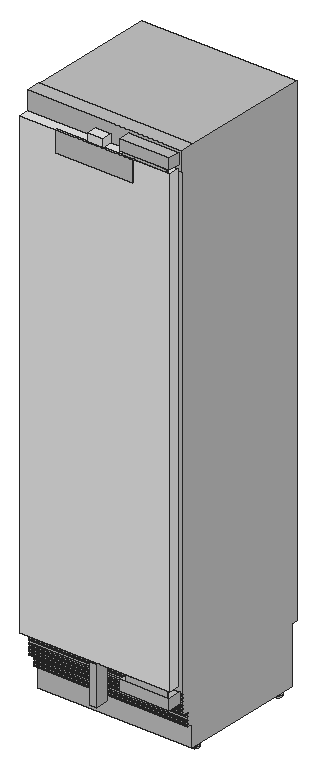
Revit family "FP-Revit18-RS2484FRJK1-Freezer-0-CA-US-90001058A", category Specialty Equipment, Revit 2020
Family settings
  Round Connector Dimension = Use Diameter
  Part Type = Normal
  OmniClass Number = 23.40.40.11.11
  OmniClass Title = Refrigerators and Freezers
  Work Plane-Based = No
  Always vertical = Yes
  Cut with Voids When Loaded = Yes
  Shared = No
  Room Calculation Point = No
Parameters (values of type "RS2484FRJE1")
  Visibility - Water Connection = yes
  Visibility - Visibility Control Note = yes
  Visibility - Clearance Required = yes
  URL = "www.fisherpaykel.com"
  Stainless Steel Door Panels (RD2484R4D) = no
  Product - Width = 603 mm  # constant formula
  Product - Height = 2134 mm  # constant formula
  Product - Depth (exl front panel) = 610 mm  # constant formula
  Model = "RS2484FRJE1"
  Material - Handle = Fisher & Paykel - Aluminium
  Material - Door Structure = Fisher & Paykel - White
  Material - Door Front = Fisher & Paykel - Stainless Steel
  Material - Body = Fisher & Paykel - Grey
  Manufacturer = "Fisher & Paykel Appliances"
  Handle Style - Professional Square (AHV2-RD84) = no
  Handle Style - Professional Round (AHC-RD84) = no
  Handle Style - Contemporary Square (AHD3-RD84) = no
  Handle Style - Contemporary Round (AHS-RD84) = no
  Description = "24\" Integrated Column Freezer with internal ice maker, white interior"
  Default Elevation = 0 mm
  Connector Description - Water = "1/4\" (6mm) comp. stainless steel braided hose"
  Connector Description - Electrical = "120 V, 10 amp fused electrical supply"
  Cavity - Width = 610 mm  # constant formula
  Cavity - Height = 2134 mm  # constant formula
  Cavity - Depth = 635 mm  # constant formula
Types (3, lengths in mm): name | Model | Description
  (no name) | "RS2484FRJE1" | "24\" Integrated Column Freezer with internal ice maker, white interior"
  RS2484FRJK1 | "RS2484FRJK1" | "24\" Integrated Column Freezer with internal ice maker, stainless steel interior"
  RS2484FRJE1 | "RS2484FRJE1" | "24\" Integrated Column Freezer with internal ice maker, white interior"
Reference planes
  plane 1 "Center (Front/Back)": y = 0
  plane 2: z = 0
  plane 3 "Center (Left/Right)": x = 0
  plane 4 "Product LHS": x = -301.5
  plane 5 "Product RHS": x = 301.5
  plane 6 "Product - Depth": y = 610
  plane 7 "Cavity LHS": x = -305
  plane 8 "Cavity RHS": x = 305
  plane 9 "Cavity - Depth": y = 612.9
  plane 10 "Handle Offset": x = -238.5
  plane 11 "Product Height": z = 2134
  plane 12 "Cavity Height": z = 2134
  plane 13 "Door Panel Datum": y = -4.1
Forms (mm)
  Extrusion 1, solid, material "Fisher & Paykel - Grey" <- "Material - Body", detail levels fine
    sketch origin (0, 0, 0) x (0, 1, 0) y (0, 0, 1)
      loop
        line (100.1, 19.1) -> (587.9, 19.1) -> (587.9, 239.7) -> (610, 239.7) -> (610, 2131.9) -> (105.1, 2131.9) -> (105.1, 2134) -> (49.9, 2134) -> (49.9, 2059) -> (56, 2059) -> (56, 228.6) -> (59.5, 228.6) -> (59.5, 219.7) -> (56.5, 219.7) -> (56.5, 215.9) -> (59.5, 215.9) -> (59.5, 207) -> (56.5, 207) -> (56.5, 203.2) -> (59.5, 203.2) -> (59.5, 194.3) -> (56.5, 194.3) -> (56.5, 190.5) -> (59.5, 190.5) -> (59.5, 181.6) -> (56.5, 181.6) -> (56.5, 177.8) -> (59.5, 177.8) -> (59.5, 168.9) -> (56.5, 168.9) -> (56.5, 165.1) -> (59.5, 165.1) -> (59.5, 156.2) -> (56.5, 156.2) -> (56.5, 152.4) -> (84.1, 152.4) -> (84.1, 143.5) -> (81.1, 143.5) -> (81.1, 139.7) -> (84.1, 139.7) -> (84.1, 130.8) -> (81.1, 130.8) -> (81.1, 127) -> (84.1, 127) -> (84.1, 118.1) -> (81.1, 118.1) -> (81.1, 114.3) -> (84.1, 114.3) -> (84.1, 105.4) -> (81.1, 105.4) -> (81.1, 101.6) -> (100.1, 101.6) -> (100.1, 19.1)
    from -301.5 to 301.5
  Extrusion 2, solid, material "Fisher & Paykel - Grey" <- "Material - Body"
    sketch origin (0, 0, 0) x (1, 0, 0) y (0, 1, 0)
      loop
        circle (-281, 547.8) r 4.1
      loop
        circle (-281, 141.8) r 4.1
      loop
        circle (281, 547.8) r 4.1
      loop
        circle (281, 141.8) r 4.1
    from 3 to 19.1
  Extrusion 3, solid, material "Fisher & Paykel - Grey" <- "Material - Body"
    sketch origin (0, 0, 0) x (1, 0, 0) y (0, 1, 0)
      loop
        circle (-281, 547.8) r 14.5
      loop
        circle (-281, 141.8) r 14.555
      loop
        circle (281, 547.8) r 14.5
      loop
        circle (281, 141.8) r 14.555
    from 0 to 3
  Extrusion 4, solid, material "Fisher & Paykel - Grey" <- "Material - Body", detail levels fine
    sketch origin (0, 0, 0) x (1, 0, 0) y (0, 1, 0)
      loop
        line (-7.5, 49) -> (-13.797, -4.1) -> (13.797, -4.1) -> (7.5, 49) -> (-7.5, 49)
    from 104.2 to 254.2
  Extrusion 5, solid, material "Fisher & Paykel - Grey" <- "Material - Body", detail levels fine
    sketch origin (0, 0, 0) x (1, 0, 0) y (0, 0, 1)
      loop
        line (289.9, 2123.15) -> (95.42, 2123.15) -> (95.42, 2081.05) -> (289.9, 2081.05) -> (289.9, 2123.15)
    from -49 to -2.5
  Extrusion 6, solid, material "Fisher & Paykel - Grey" <- "Material - Body", detail levels fine
    sketch origin (0, 0, 0) x (0, 1, 0) y (0, 0, 1)
      loop
        line (0, 2070.6) -> (0, 1988.6) -> (2, 1988.6) -> (2, 2068.6) -> (4, 2068.6) -> (4, 2070.6) -> (0, 2070.6)
    from -150 to 150
  Extrusion 7, solid, material "Fisher & Paykel - Grey" <- "Material - Body"
    sketch origin (0, 0, 0) x (1, 0, 0) y (0, 0, 1)
      loop
        circle (226.5, 119.813) r 5
      loop
        circle (-226.5, 119.813) r 5
    from -590 to -587.9
  Extrusion 8, solid, material "Fisher & Paykel - White" <- "Material - Door Structure"
    sketch origin (0, 0, 0) x (1, 0, 0) y (0, 1, 0)
      loop
        line (-276.5, 56) -> (-276.5, 42) -> (276.5, 42) -> (276.5, 56) -> (-276.5, 56)
    from 269.6 to 2030.7
  Extrusion 9, solid, material "Fisher & Paykel - White" <- "Material - Door Structure"
    sketch origin (0, 0, 0) x (1, 0, 0) y (0, 1, 0)
      loop
        line (-292.9, 42) -> (-292.9, 3) -> (292.9, 3) -> (292.9, 42) -> (-292.9, 42)
    from 254.2 to 2068.6
  Extrusion 10, solid, material "Fisher & Paykel - White" <- "Material - Door Structure", detail levels fine
    sketch origin (0, 0, 0) x (1, 0, 0) y (0, 0, 1)
      loop
        line (-29.5, 2100.1) -> (-29.5, 2068.6) -> (29.5, 2068.6) -> (29.5, 2100.1) -> (-29.5, 2100.1)
    from -42 to -3
  Extrusion 11, solid, material "Fisher & Paykel - Stainless Steel" <- "Material - Door Front", visible <- "Stainless Steel Door Panels (RD2484R4D)"
    sketch origin (0, 0, 0) x (0, 1, 0) y (0, 0, 1)
      loop
        line (-22.1, 2130.8) -> (-22.1, 102) -> (-4.1, 102) -> (-4.1, 2130.8) -> (-22.1, 2130.8)
    from -301.5 to 301.5
  Extrusion 12, solid, material "Fisher & Paykel - Grey" <- "Material - Body", detail levels coarse+medium
    sketch origin (0, 0, 0) x (0, 1, 0) y (0, 0, 1)
      loop
        line (49.9, 2134) -> (49.9, 2059) -> (56, 2059) -> (56, 152.4) -> (81.1, 152.4) -> (81.1, 101.6) -> (100.1, 101.6) -> (100.1, 19.1) -> (587.9, 19.1) -> (587.9, 239.7) -> (610, 239.7) -> (610, 2134) -> (49.9, 2134)
    from -301.5 to 301.5
  Extrusion 13, solid, material "Fisher & Paykel - Clearance Required", visible <- "Visibility - Clearance Required", detail levels coarse
    sketch origin (0, 0, 0) x (1, 0, 0) y (0, 1, 0)
      loop
        arc (-301.5, -22.1) -> (-13.376, -547.171) -> (584.28, -586.183) r 622.5
        line (584.28, -586.183) -> (565.051, -544.946) -> (589.549, -533.523)
        arc (589.549, -533.523) -> (598.013, -510.267) -> (574.757, -501.802) r 17.5
        line (574.757, -501.802) -> (550.259, -513.225) -> (329.441, -39.678)
        arc (329.441, -39.678) -> (310.616, -38.605) -> (301.5, -22.1) r 19.5
        line (301.5, -22.1) -> (-301.5, -22.1)
    from 0 to 2134
  Extrusion 14, solid, material "Fisher & Paykel - Grey" <- "Material - Body", detail levels fine
    sketch origin (0, 0, 0) x (1, 0, 0) y (0, 0, 1)
      loop
        line (289.9, 187.65) -> (289.9, 229.75) -> (95.42, 229.75) -> (95.42, 187.65) -> (289.9, 187.65)
    from -56 to -2.5
  Extrusion 15, solid, material "Fisher & Paykel - Grey" <- "Material - Body", detail levels fine
    sketch origin (0, 0, -4) x (0, 1, 0) y (0, 0, 1)
      loop
        arc (163.888, 23.1) -> (180.4, 13.63) -> (196.912, 23.1) r 19.13
        line (196.912, 23.1) -> (163.888, 23.1)
      loop
        arc (493.888, 23.1) -> (510.4, 13.63) -> (526.912, 23.1) r 19.13
        line (526.912, 23.1) -> (493.888, 23.1)
    from 191 to 219
  Extrusion 16, solid, material "Fisher & Paykel - Grey" <- "Material - Body", detail levels fine
    sketch origin (0, 0, -4) x (0, 1, 0) y (0, 0, -1)
      loop
        line (163.888, -23.1) -> (196.912, -23.1)
        arc (196.912, -23.1) -> (180.4, -13.63) -> (163.888, -23.1) r 19.13
      loop
        line (493.888, -23.1) -> (526.912, -23.1)
        arc (526.912, -23.1) -> (510.4, -13.63) -> (493.888, -23.1) r 19.13
    from 191 to 219
  Extrusion 17, solid, material "Fisher & Paykel - Clearance Required", visible <- "Visibility - Clearance Required", detail levels coarse
    sketch origin (0, 0, 0) x (1, 0, 0) y (0, 1, 0)
      loop
        line (-305, 612.9) -> (-305, -4.1) -> (305, -4.1) -> (305, 612.9) -> (-305, 612.9)
    from 0 to 2134
  Extrusion 18, void
    sketch origin (0, 0, 0) x (1, 0, 0) y (0, 1, 0)
      loop
        line (-305, 612.9) -> (-305, -22.1) -> (305, -22.1) -> (305, 612.9) -> (-305, 612.9)
    from 0 to 2134
  Extrusion 19, solid, material "Fisher & Paykel - Grey" <- "Material - Body", detail levels fine
    sketch origin (0, 0, 0) x (1, 0, 0) y (0, 0, 1)
      loop
        line (118.4, 254.2) -> (118.4, 229.75) -> (282.9, 229.75) -> (282.9, 254.2) -> (118.4, 254.2)
      loop
        line (106, 2081.05) -> (106, 2068.6) -> (282.9, 2068.6) -> (282.9, 2076.05) -> (242.9, 2081.05) -> (106, 2081.05)
    from -7 to -4
Lines and regions (mm)
  model lines, style "Fisher & Paykel"
    curve 1: line (-301.5, -4.1, 2130.8) -> (301.5, -4.1, 2130.8)
    curve 2: line (-301.5, -4.1, 102) -> (-301.5, -4.1, 2130.8)
    curve 3: line (301.5, -4.1, 102) -> (-301.5, -4.1, 102)
    curve 4: line (301.5, -4.1, 2130.8) -> (301.5, -4.1, 102)
Text (mm)
  text "Due to ongoing product development, product details are subject to change without notice. \nPlease always refer to www.fisherpaykel.com for the most current product information. \n© Fisher & Paykel 2020" at (41.04, -678.295, 0), in view "Ref. Level (Plan)"
Dimensions and locks
  equal spacing: plane 4 "Product LHS", plane 3 "Center (Left/Right)", plane 5 "Product RHS"
  "Product - Width": plane 4 "Product LHS" to plane 5 "Product RHS"
  "Product - Depth (exl front panel)": plane 1 "Center (Front/Back)" to plane 6 "Product - Depth"
  equal spacing: plane 7 "Cavity LHS", plane 3 "Center (Left/Right)", plane 8 "Cavity RHS"
  "Cavity - Width": plane 7 "Cavity LHS" to plane 8 "Cavity RHS"
  plane 4 "Product LHS" to Extrusion 2 sketch curve = 24.6 mm
  plane 4 "Product LHS" to plane 10 "Handle Offset" = 63 mm
  Extrusion 7 sketch curve to Extrusion 1 = 119.887 mm  (x2)
  Extrusion 7 sketch curve to plane 5 "Product RHS" = 75 mm
  plane 4 "Product LHS" to Extrusion 7 sketch curve = 75 mm
  Extrusion 1 sketch curve to Extrusion 1 sketch curve = 82.5 mm
  Extrusion 1 sketch curve to Extrusion 1 sketch curve = 209.5 mm
  Extrusion 3 to level = 3 mm
  Extrusion 12 to Extrusion 9 = 235.1 mm
  Extrusion 12 to Extrusion 8 = 250.5 mm
  Extrusion 12 to Extrusion 12 = 2114.9 mm
  Extrusion 12 to Extrusion 11 = 82.9 mm
  "Product - Height": level to plane 11 "Product Height"
  plane 11 "Product Height" to Extrusion 11 = 3.2 mm
  Extrusion 9 to plane 11 "Product Height" = 65.4 mm
  Extrusion 8 to plane 11 "Product Height" = 103.3 mm
  Extrusion 12 sketch curve to plane 11 "Product Height" = 75 mm
  Extrusion 1 sketch curve to plane 11 "Product Height" = 2.1 mm
  Extrusion 1 sketch curve to plane 11 "Product Height" = 75 mm
  "Cavity - Height": plane 12 "Cavity Height" to level
  plane 1 "Center (Front/Back)" to Extrusion 17 = 612.9 mm
  plane 1 "Center (Front/Back)" to Extrusion 18 = 612.9 mm
  Extrusion 19 sketch curve to Extrusion 19 sketch curve = 40 mm
  Extrusion 19 sketch curve to plane 3 "Center (Left/Right)" = 106 mm
  Extrusion 19 sketch curve to Extrusion 19 sketch curve = 176.9 mm
  Extrusion 19 sketch curve to plane 3 "Center (Left/Right)" = 118.4 mm
  plane 3 "Center (Left/Right)" to Extrusion 19 sketch curve = 282.9 mm
  Extrusion 18 to plane 1 "Center (Front/Back)" = 22.1 mm
  "Cavity - Depth": plane 9 "Cavity - Depth" to Extrusion 18
  radius of Extrusion 7 sketch curve = 5 mm
  aligned and locked: level to plane 2
  aligned and locked: Extrusion 11 to plane 5 "Product RHS"
  aligned and locked: plane 4 "Product LHS" to Extrusion 11
  aligned and locked: Extrusion 12 to plane 5 "Product RHS"
  aligned and locked: Extrusion 12 to plane 4 "Product LHS"
  aligned and locked: Extrusion 12 sketch curve to plane 11 "Product Height"
  aligned and locked: plane 11 "Product Height" to Extrusion 1 sketch curve
  aligned and locked: Extrusion 15 sketch curve to Extrusion 15 sketch curve
  aligned and locked: Extrusion 16 sketch curve to Extrusion 16 sketch curve
  aligned and locked: Extrusion 17 to Extrusion 13
  aligned and locked: Extrusion 18 to Extrusion 13
  aligned and locked: Extrusion 1 to plane 5 "Product RHS"
  aligned and locked: plane 4 "Product LHS" to Extrusion 1
  aligned and locked: Extrusion 2 to Extrusion 1
  aligned and locked: nested 5 to plane 10 "Handle Offset"
  aligned and locked: nested 4 to plane 10 "Handle Offset"
  aligned and locked: nested 3 to plane 10 "Handle Offset"
  aligned and locked: nested 2 to plane 10 "Handle Offset"
Automatic sketch dimensions
  Extrusion 2 sketch curve to plane 4 "Product LHS" = 20.5 mm  (x2)
  plane 5 "Product RHS" to Extrusion 2 sketch curve = 20.5 mm  (x2)
  Extrusion 2 sketch curve to plane 1 "Center (Front/Back)" = 141.8 mm  (x2)
  Extrusion 2 sketch curve to plane 6 "Product - Depth" = 62.2 mm  (x2)
  Extrusion 3 sketch curve to plane 4 "Product LHS" = 20.5 mm  (x2)
  plane 5 "Product RHS" to Extrusion 3 sketch curve = 20.5 mm  (x2)
  Extrusion 3 sketch curve to plane 1 "Center (Front/Back)" = 141.8 mm  (x2)
  Extrusion 3 sketch curve to plane 6 "Product - Depth" = 62.2 mm  (x2)
  plane 1 "Center (Front/Back)" to Extrusion 4 sketch curve = 4.1 mm
  Extrusion 4 sketch curve to plane 3 "Center (Left/Right)" = 13.797 mm
  Extrusion 4 sketch curve to plane 3 "Center (Left/Right)" = 7.5 mm
  plane 3 "Center (Left/Right)" to Extrusion 4 sketch curve = 7.5 mm
  plane 3 "Center (Left/Right)" to Extrusion 4 sketch curve = 13.797 mm
  Extrusion 4 sketch curve to plane 1 "Center (Front/Back)" = 49 mm
  plane 11 "Product Height" to Extrusion 5 sketch curve = 10.85 mm
  plane 3 "Center (Left/Right)" to Extrusion 5 sketch curve = 95.42 mm
  plane 5 "Product RHS" to Extrusion 5 sketch curve = 11.6 mm
  Extrusion 5 sketch curve to Extrusion 5 sketch curve = 42.1 mm
  Extrusion 6 sketch curve to plane 1 "Center (Front/Back)" = 0 mm
  Extrusion 6 sketch curve to plane 1 "Center (Front/Back)" = 2 mm
  Extrusion 6 sketch curve to Extrusion 6 sketch curve = 2 mm  (x2)
  plane 11 "Product Height" to Extrusion 6 sketch curve = 145.4 mm
  plane 11 "Product Height" to Extrusion 6 sketch curve = 65.4 mm
  Extrusion 8 sketch curve to plane 4 "Product LHS" = 25 mm
  plane 5 "Product RHS" to Extrusion 8 sketch curve = 25 mm
  Extrusion 8 sketch curve to plane 1 "Center (Front/Back)" = 42 mm
  Extrusion 8 sketch curve to Extrusion 8 sketch curve = 14 mm
  Extrusion 9 sketch curve to plane 1 "Center (Front/Back)" = 3 mm
  Extrusion 9 sketch curve to plane 4 "Product LHS" = 8.6 mm
  plane 5 "Product RHS" to Extrusion 9 sketch curve = 8.6 mm
  Extrusion 9 sketch curve to Extrusion 9 sketch curve = 39 mm
  Extrusion 10 sketch curve to plane 3 "Center (Left/Right)" = 29.5 mm
  plane 3 "Center (Left/Right)" to Extrusion 10 sketch curve = 29.5 mm
  plane 11 "Product Height" to Extrusion 10 sketch curve = 65.4 mm
  Extrusion 10 sketch curve to Extrusion 10 sketch curve = 31.5 mm
  plane 1 "Center (Front/Back)" to Extrusion 11 sketch curve = 22.1 mm
  plane 1 "Center (Front/Back)" to Extrusion 11 sketch curve = 4.1 mm
  level to Extrusion 11 sketch curve = 102 mm
  plane 11 "Product Height" to Extrusion 11 sketch curve = 3.2 mm
  Extrusion 13 sketch curve to Extrusion 13 sketch curve = 0 mm  (x2)
  Extrusion 13 sketch curve to plane 4 "Product LHS" = 0 mm
  Extrusion 13 sketch curve to plane 5 "Product RHS" = 0 mm
  Extrusion 13 sketch curve to plane 8 "Cavity RHS" = 16 mm
  Extrusion 13 sketch curve to Extrusion 13 sketch curve = 8.441 mm
  Extrusion 13 sketch curve to plane 8 "Cavity RHS" = 245.259 mm
  Extrusion 13 sketch curve to Extrusion 13 sketch curve = 14.792 mm
  Extrusion 13 sketch curve to Extrusion 13 sketch curve = 24.498 mm
  Extrusion 13 sketch curve to Extrusion 13 sketch curve = 7.396 mm  (x2)
  Extrusion 13 sketch curve to Extrusion 13 sketch curve = 19.229 mm
  plane 1 "Center (Front/Back)" to Extrusion 13 sketch curve = 586.183 mm
  Extrusion 13 sketch curve to Extrusion 13 sketch curve = 41.237 mm
  Extrusion 13 sketch curve to Extrusion 13 sketch curve = 15.86 mm
  plane 3 "Center (Left/Right)" to Extrusion 14 sketch curve = 95.42 mm
  plane 5 "Product RHS" to Extrusion 14 sketch curve = 11.6 mm
  level to Extrusion 14 sketch curve = 187.65 mm
  Extrusion 14 sketch curve to Extrusion 14 sketch curve = 42.1 mm
  Extrusion 15 sketch curve to plane 1 "Center (Front/Back)" = 163.888 mm
  Extrusion 15 sketch curve to Extrusion 15 sketch curve = 16.512 mm  (x2)
  Extrusion 15 sketch curve to plane 6 "Product - Depth" = 116.112 mm
  Extrusion 15 sketch curve to Extrusion 15 sketch curve = 9.66 mm  (x2)
  Extrusion 16 sketch curve to plane 1 "Center (Front/Back)" = 163.888 mm
  Extrusion 16 sketch curve to Extrusion 16 sketch curve = 16.512 mm  (x2)
  Extrusion 16 sketch curve to plane 6 "Product - Depth" = 116.112 mm
  Extrusion 16 sketch curve to Extrusion 16 sketch curve = 9.66 mm  (x2)
  Extrusion 17 sketch curve to plane 7 "Cavity LHS" = 0 mm
  Extrusion 17 sketch curve to plane 8 "Cavity RHS" = 0 mm
  Extrusion 17 sketch curve to plane 9 "Cavity - Depth" = 0 mm
  plane 1 "Center (Front/Back)" to Extrusion 17 sketch curve = 4.1 mm
  Extrusion 18 sketch curve to plane 7 "Cavity LHS" = 0 mm
  Extrusion 18 sketch curve to plane 8 "Cavity RHS" = 0 mm
  plane 9 "Cavity - Depth" to Extrusion 18 sketch curve = 0 mm
  plane 1 "Center (Front/Back)" to Extrusion 18 sketch curve = 22.1 mm
  level to Extrusion 19 sketch curve = 229.75 mm
  Extrusion 19 sketch curve to Extrusion 19 sketch curve = 24.45 mm
  plane 11 "Product Height" to Extrusion 19 sketch curve = 65.4 mm
  Extrusion 19 sketch curve to Extrusion 19 sketch curve = 7.45 mm
  Extrusion 19 sketch curve to Extrusion 19 sketch curve = 5 mm
  Extrusion 12 sketch curve to plane 6 "Product - Depth" = 0 mm
  Extrusion 12 sketch curve to plane 6 "Product - Depth" = 22.1 mm
  Extrusion 12 sketch curve to plane 1 "Center (Front/Back)" = 100.1 mm
  Extrusion 12 sketch curve to Extrusion 12 sketch curve = 19 mm
  Extrusion 12 sketch curve to plane 1 "Center (Front/Back)" = 56 mm
  Extrusion 12 sketch curve to plane 1 "Center (Front/Back)" = 49.9 mm
  level to Extrusion 12 sketch curve = 152.4 mm
  Extrusion 12 sketch curve to Extrusion 12 sketch curve = 50.8 mm
  level to Extrusion 12 sketch curve = 19.1 mm
  Extrusion 12 sketch curve to Extrusion 12 sketch curve = 220.6 mm
  level to Extrusion 15 sketch curve = 19.1 mm
  level to Extrusion 16 sketch curve = 28.76 mm
  Extrusion 1 sketch curve to plane 6 "Product - Depth" = 0 mm
  Extrusion 1 sketch curve to Extrusion 1 sketch curve = 22.1 mm
  Extrusion 1 sketch curve to plane 1 "Center (Front/Back)" = 105.1 mm
  level to Extrusion 1 sketch curve = 19.1 mm
  Extrusion 1 sketch curve to plane 1 "Center (Front/Back)" = 100.1 mm
  Extrusion 1 sketch curve to Extrusion 1 sketch curve = 16 mm
  Extrusion 1 sketch curve to Extrusion 1 sketch curve = 0 mm  (x8)
  Extrusion 1 sketch curve to Extrusion 1 sketch curve = 3 mm  (x10)
  Extrusion 1 sketch curve to plane 1 "Center (Front/Back)" = 59.5 mm
  Extrusion 1 sketch curve to plane 1 "Center (Front/Back)" = 56 mm
  Extrusion 1 sketch curve to plane 1 "Center (Front/Back)" = 49.9 mm
  Extrusion 1 sketch curve to Extrusion 1 sketch curve = 3.8 mm  (x10)
  Extrusion 1 sketch curve to Extrusion 1 sketch curve = 8.9 mm  (x9)
  Extrusion 1 sketch curve to Extrusion 1 sketch curve = 220.6 mm
  plane 5 "Product RHS" to curve 1 = 0 mm
  plane 4 "Product LHS" to curve 3 = 0 mm
  level to curve 3 = 102 mm
  plane 11 "Product Height" to curve 2 = 3.2 mm
  radius of Extrusion 2 sketch curve = 4.1 mm  (x3)
  radius of Extrusion 3 sketch curve = 14.5 mm  (x2)
  radius of Extrusion 3 sketch curve = 14.555 mm  (x2)
  radius of Extrusion 7 sketch curve = 5 mm
Nested families
  nested 1: "Visibility Control Note 18" at (0, 0, 0), visible <- "Visibility - Visibility Control Note", type "Visibility Control Note 18"
  nested 2: "Handle Contemporary Round - Vertical" at (-238.5, -22.1, 1242.58), visible <- "Handle Style - Contemporary Round (AHS-RD84)", type "AHS-RD84 - Contemporary round handle (Vertical) 852mm"
  nested 3: "Handle Contemporary Square - Vertical" at (-238.5, -22.1, 1242.58), visible <- "Handle Style - Contemporary Square (AHD3-RD84)", type "AHD3-RD84 - Contemporary square handle (Vertical) 852mm"
  nested 4: "Handle Professional Round - Vertical" at (-238.5, -22.1, 1242.58), visible <- "Handle Style - Professional Round (AHC-RD84)", type "AHC-RD84 - Professional round handle (Vertical) 786mm"
  nested 5: "Handle Professional Square - Vertical" at (-238.5, -22.1, 1242.58), visible <- "Handle Style - Professional Square (AHV2-RD84)", type "AHV2-RD84 - Professional square handle (Vertical) 792mm"
Connectors
  electrical at (-226.5, 590, 119.813), driven by "Connector Description - Electrical"
    settings: on Extrusion 7, index 1, voltage 120 V, apparent load 0 VA, apparent load phase1 0 VA, apparent load phase2 0 VA, apparent load phase3 0 VA, power factor 1, load classification "Other", number of poles 1, system type 30, power factor state 1, is connector primary yes, connector utility no, sub classification motor no, connector description "120 V, 10 amp fused electrical supply"
  piping at (226.5, 590, 119.813), diameter 12.7, driven by "Visibility - Water Connection", driven by "Connector Description - Water"
    settings: on Extrusion 7, index 2, connector inside diameter 609.6 mm, connector length 0 mm, flow factor 0, pipe flow 0.0 L/s, pressure drop 0.0 Pa, fitting loss kfactor 0, connector angle 0.00°, fixture units 0, engagement length 0 mm, angle of deflection 0.00°, flow configuration 0, flow direction 1, fitting loss method 0, system type 20, joint type 0, gender type 0, connector reference index -1, connector utility 1, adjustable connector no, is connector primary yes, connector description "1/4\" (6mm) comp. stainless steel braided hose"
Definition of nested family "Handle Contemporary Round - Vertical"
  Parameters (values of type "AHSRS80A - Contemporary round handle (1 of 2) (Vertical) 727mm")
    URL = "www.fisherpaykel.com"
    Material - Handle = none
    Manufacturer = "Fisher & Paykel Appliances"
    Handle - Length = 727 mm
    Default Elevation = 0 mm
  Types (6, lengths in mm): name | Handle - Length
    AHS-RD21 - Contemporary round handle (Vertical) 852mm | 852
    AHSRD2484W - Contemporary round handle (1 of 2) (Vertical) 727mm | 727
    AHSRD3084W - Contemporary round handle (1 of 2) (Vertical) 727mm | 727
    AHS-RD84 - Contemporary round handle (Vertical) 852mm | 852
    AHSRS3272A - Contemporary round handle (1 of 2) (Vertical) 727mm | 727
    AHSRS80A - Contemporary round handle (1 of 2) (Vertical) 727mm | 727
  Reference planes
    plane 1 "Center (Front/Back)": y = 0
    plane 2: z = 0
    plane 3 "Center (Left/Right)": x = 0
    plane 4 "Top": z = 363.5
    plane 5 "Bottom": z = -363.5
    plane 6 "Top Standoff": z = 243.5
    plane 7 "Bottom Standoff": z = -243.5
  Forms (mm)
    Extrusion 1, solid, material <- "Material - Handle"
      sketch origin (0, 0, 0) x (1, 0, 0) y (0, 1, 0)
        loop
          circle (0, -32.3) r 8.7
      from -243.5 to 243.5
    Extrusion 2, solid, material <- "Material - Handle", detail levels fine
      sketch origin (0, 0, 0) x (1, 0, 0) y (0, 1, 0)
        loop
          line (-8.7, 0) -> (-8.7, -32.3)
          arc (-8.7, -32.3) -> (0, -41) -> (8.7, -32.3) r 8.7
          line (8.7, -32.3) -> (8.7, 0) -> (-8.7, 0)
      from 243.5 to 363.5
    Extrusion 3, solid, material <- "Material - Handle", detail levels fine
      sketch origin (0, 0, 0) x (1, 0, 0) y (0, 1, 0)
        loop
          line (-8.7, 0) -> (-8.7, -32.3)
          arc (-8.7, -32.3) -> (0, -41) -> (8.7, -32.3) r 8.7
          line (8.7, -32.3) -> (8.7, 0) -> (-8.7, 0)
      from -363.5 to -243.5
    Sweep 4, void
      path in 3D
        loop
          line (8.7, 0, -363.5) -> (8.7, -32.3, -363.5)
          arc (8.7, -32.3, -363.5) -> (0, -41, -363.5) -> (-8.7, -32.3, -363.5) r 8.7
          line (-8.7, -32.3, -363.5) -> (-8.7, 0, -363.5)
      profile origin (8.7, -16.15, -363.5) x (-1, 0, 0) y (0, 0, -1)
        loop
          line (0, 0) -> (0, -1) -> (1, 0) -> (0, 0)
    Sweep 5, void
      path in 3D
        loop
          line (-8.7, 0, 363.5) -> (-8.7, -32.3, 363.5)
          arc (-8.7, -32.3, 363.5) -> (0, -41, 363.5) -> (8.7, -32.3, 363.5) r 8.7
          line (8.7, -32.3, 363.5) -> (8.7, 0, 363.5)
      profile origin (8.7, -16.15, 363.5) x (-1, 0, 0) y (0, 0, 1)
        loop
          line (0, 0) -> (0, -1) -> (1, 0) -> (0, 0)
    Extrusion 6, solid, material <- "Material - Handle", detail levels coarse+medium
      sketch origin (0, 0, 0) x (1, 0, 0) y (0, 1, 0)
        loop
          line (-8.7, 0) -> (-8.7, -32.3)
          arc (-8.7, -32.3) -> (0, -41) -> (8.7, -32.3) r 8.7
          line (8.7, -32.3) -> (8.7, 0) -> (-8.7, 0)
      from 243.5 to 363.5
    Extrusion 7, solid, material <- "Material - Handle", detail levels coarse+medium
      sketch origin (0, 0, 0) x (1, 0, 0) y (0, 1, 0)
        loop
          line (-8.7, 0) -> (-8.7, -32.3)
          arc (-8.7, -32.3) -> (0, -41) -> (8.7, -32.3) r 8.7
          line (8.7, -32.3) -> (8.7, 0) -> (-8.7, 0)
      from -363.5 to -243.5
  Cuts and joins
    Sweep 4 cuts Extrusion 3
    Sweep 5 cuts Extrusion 2
  Lines and regions (mm)
    sketch lines
      curve 1: line (8.7, 0, -363.5) -> (8.7, -32.3, -363.5)
      curve 2: arc (-8.7, -32.3, -363.5) -> (0, -41, -363.5) -> (8.7, -32.3, -363.5) r 8.7
      curve 3: line (-8.7, -32.3, -363.5) -> (-8.7, 0, -363.5)
      curve 4: line (8.7, -32.3, 363.5) -> (8.7, 0, 363.5)
      curve 5: arc (8.7, -32.3, 363.5) -> (0, -41, 363.5) -> (-8.7, -32.3, 363.5) r 8.7
      curve 6: line (-8.7, 0, 363.5) -> (-8.7, -32.3, 363.5)
  Dimensions and locks
    equal spacing: plane 4 "Top", level, plane 5 "Bottom"
    "Handle - Length": plane 4 "Top" to plane 5 "Bottom"
    locked: plane 4 "Top" to plane 6 "Top Standoff" at 120
    locked: plane 7 "Bottom Standoff" to plane 5 "Bottom" at 120
    Extrusion 2 sketch curve to Extrusion 2 sketch curve = 17.4 mm
    Extrusion 3 sketch curve to Extrusion 3 sketch curve = 17.4 mm
    Extrusion 6 sketch curve to Extrusion 6 sketch curve = 17.4 mm
    Extrusion 7 sketch curve to Extrusion 7 sketch curve = 17.4 mm
    aligned and locked: level to plane 2
    aligned and locked: plane 4 "Top" to Extrusion 2
    aligned and locked: Extrusion 3 to plane 5 "Bottom"
    aligned and locked: plane 7 "Bottom Standoff" to Extrusion 3
    aligned and locked: Extrusion 1 to plane 7 "Bottom Standoff"
    aligned and locked: plane 6 "Top Standoff" to Extrusion 1
    aligned and locked: Extrusion 2 to Extrusion 1
    aligned and locked: Extrusion 6 to Extrusion 1
    aligned and locked: plane 4 "Top" to Extrusion 6
    aligned and locked: Extrusion 7 to Extrusion 1
    aligned and locked: Extrusion 7 to plane 5 "Bottom"
  Automatic sketch dimensions
    Extrusion 1 sketch curve to plane 3 "Center (Left/Right)" = 0 mm
    plane 1 "Center (Front/Back)" to Extrusion 1 sketch curve = 32.3 mm
    plane 1 "Center (Front/Back)" to Extrusion 2 sketch curve = 0 mm
    Extrusion 2 sketch curve to plane 3 "Center (Left/Right)" = 0 mm
    Extrusion 2 sketch curve to plane 3 "Center (Left/Right)" = 8.7 mm
    plane 1 "Center (Front/Back)" to Extrusion 2 sketch curve = 32.3 mm
    plane 1 "Center (Front/Back)" to Extrusion 3 sketch curve = 0 mm
    Extrusion 3 sketch curve to plane 3 "Center (Left/Right)" = 0 mm
    Extrusion 3 sketch curve to plane 3 "Center (Left/Right)" = 8.7 mm
    plane 1 "Center (Front/Back)" to Extrusion 3 sketch curve = 32.3 mm
    Sweep 4 sketch curve to profile plane = 0 mm  (x2)
    Sweep 4 sketch curve to profile plane = 1 mm  (x2)
    Sweep 5 sketch curve to profile plane = 0 mm  (x2)
    Sweep 5 sketch curve to profile plane = 1 mm  (x2)
    Extrusion 6 sketch curve to plane 3 "Center (Left/Right)" = 0 mm
    Extrusion 6 sketch curve to plane 3 "Center (Left/Right)" = 8.7 mm
    plane 1 "Center (Front/Back)" to Extrusion 6 sketch curve = 32.3 mm
    Extrusion 6 sketch curve to Extrusion 6 sketch curve = 32.3 mm
    Extrusion 7 sketch curve to plane 3 "Center (Left/Right)" = 0 mm
    Extrusion 7 sketch curve to plane 3 "Center (Left/Right)" = 8.7 mm
    plane 1 "Center (Front/Back)" to Extrusion 7 sketch curve = 32.3 mm
    Extrusion 7 sketch curve to Extrusion 7 sketch curve = 32.3 mm
    radius of Extrusion 1 sketch curve = 8.7 mm
Definition of nested family "Handle Contemporary Square - Vertical"
  Parameters (values of type "AHD3RS80A - Contemporary square handle (1 of 2) (Vertical) 727mm")
    URL = "www.fisherpaykel.com"
    Material - Handle = none
    Manufacturer = "Fisher & Paykel Appliances"
    Handle - Length = 727 mm
    Default Elevation = 0 mm
  Types (7, lengths in mm): name | Handle - Length
    (no name) | 727
    AHD3-RD21 - Contemporary square handle (Vertical) 852mm | 852
    AHD3RD2484W - Contemporary square handle (1 of 2) (Vertical) 727mm | 727
    AHD3RD3084W - Contemporary square handle (1 of 2) (Vertical) 727mm | 727
    AHD3-RD84 - Contemporary square handle (Vertical) 852mm | 852
    AHD3RS3272A - Contemporary square handle (1 of 2) (Vertical) 727mm | 727
    AHD3RS80A - Contemporary square handle (1 of 2) (Vertical) 727mm | 727
  Reference planes
    plane 1 "Center (Front/Back)": y = 0
    plane 2: z = 0
    plane 3 "Center (Left/Right)": x = 0
    plane 4 "Top": z = 363.5
    plane 5 "Bottom": z = -363.5
    plane 6 "Top Standoff": z = 243.5
    plane 7 "Bottom Standoff": z = -243.5
  Forms (mm)
    Extrusion 1, solid, material <- "Material - Handle", detail levels fine
      sketch origin (0, 0, 0) x (1, 0, 0) y (0, 1, 0)
        loop
          arc (-7.583, -28.701) -> (-7.89, -29.057) -> (-8, -29.514) r 1
          line (-8, -29.514) -> (-8, -40.5)
          arc (-8, -40.5) -> (-7.561, -41.561) -> (-6.5, -42) r 1.5
          line (-6.5, -42) -> (6.5, -42)
          arc (6.5, -42) -> (7.561, -41.561) -> (8, -40.5) r 1.5
          line (8, -40.5) -> (8, -29.487)
          arc (8, -29.487) -> (7.889, -29.029) -> (7.58, -28.673) r 1
          arc (7.58, -28.673) -> (-0.006, -26.256) -> (-7.583, -28.701) r 13.038
      from -363.5 to 363.5
    Extrusion 2, solid, material <- "Material - Handle", detail levels fine
      sketch origin (0, 0, 0) x (1, 0, 0) y (0, 1, 0)
        loop
          arc (7.058, -28.23) -> (7.466, -28.244) -> (7.674, -27.893) r 0.4
          line (7.674, -27.893) -> (7.674, 0) -> (-7.674, 0) -> (-7.674, -27.86)
          arc (-7.674, -27.86) -> (-7.467, -28.21) -> (-7.06, -28.198) r 0.4
          arc (-7.06, -28.198) -> (0.004, -26.156) -> (7.058, -28.23) r 13.136
      from 243.5 to 363.5
    Extrusion 3, solid, material <- "Material - Handle", detail levels fine
      sketch origin (0, 0, 0) x (1, 0, 0) y (0, 1, 0)
        loop
          arc (7.058, -28.23) -> (7.466, -28.244) -> (7.674, -27.893) r 0.4
          line (7.674, -27.893) -> (7.674, 0) -> (-7.674, 0) -> (-7.674, -27.86)
          arc (-7.674, -27.86) -> (-7.467, -28.21) -> (-7.06, -28.198) r 0.4
          arc (-7.06, -28.198) -> (0.004, -26.156) -> (7.058, -28.23) r 13.136
      from -363.5 to -243.5
    Sweep 4, void
      path in 3D
        loop
          line (-8, -29.514, 363.5) -> (-8, -40.5, 363.5)
          arc (-8, -40.5, 363.5) -> (-7.561, -41.561, 363.5) -> (-6.5, -42, 363.5) r 1.5
          line (-6.5, -42, 363.5) -> (6.5, -42, 363.5)
          arc (6.5, -42, 363.5) -> (7.561, -41.561, 363.5) -> (8, -40.5, 363.5) r 1.5
          line (8, -40.5, 363.5) -> (8, -29.487, 363.5)
      profile origin (8, -34.994, 363.5) x (-1, 0, 0) y (0, 0, 1)
        loop
          line (0, 0) -> (0, -1.3) -> (1.3, 0) -> (0, 0)
    Sweep 5, void
      path in 3D
        loop
          line (8, -29.487, -363.5) -> (8, -40.5, -363.5)
          arc (8, -40.5, -363.5) -> (7.561, -41.561, -363.5) -> (6.5, -42, -363.5) r 1.5
          line (6.5, -42, -363.5) -> (-6.5, -42, -363.5)
          arc (-6.5, -42, -363.5) -> (-7.561, -41.561, -363.5) -> (-8, -40.5, -363.5) r 1.5
          line (-8, -40.5, -363.5) -> (-8, -29.514, -363.5)
      profile origin (8, -34.994, -363.5) x (-1, 0, 0) y (0, 0, -1)
        loop
          line (0, 0) -> (0, -1.3) -> (1.3, 0) -> (0, 0)
    Extrusion 6, void
      sketch origin (0, 0, 0) x (1, 0, 0) y (0, 0, 1)
        loop
          line (-8, -362.2) -> (-8, -363.5) -> (-6.7, -363.5) -> (-8, -362.2)
        loop
          line (8, -362.2) -> (6.7, -363.5) -> (8, -363.5) -> (8, -362.2)
      from 0 to 40
    Extrusion 7, void
      sketch origin (0, 0, 0) x (1, 0, 0) y (0, 0, 1)
        loop
          line (-8, 363.5) -> (-8, 362.2) -> (-6.7, 363.5) -> (-8, 363.5)
        loop
          line (8, 363.5) -> (6.7, 363.5) -> (8, 362.2) -> (8, 363.5)
      from 0 to 40
    Extrusion 8, solid, material <- "Material - Handle", detail levels coarse+medium
      sketch origin (0, 0, 0) x (0, 1, 0) y (0, 0, 1)
        loop
          line (0, 363.5) -> (-42, 363.5) -> (-42, -363.5) -> (0, -363.5) -> (0, -243.5) -> (-26.245, -243.5) -> (-26.245, 243.5) -> (0, 243.5) -> (0, 363.5)
      from -8 to 8
  Cuts and joins
    Sweep 4, Sweep 5, Extrusion 6, Extrusion 7 cuts Extrusion 1
    Extrusion 6 cuts Extrusion 3
    Extrusion 7 cuts Extrusion 2
  Lines and regions (mm)
    sketch lines
      curve 1: line (8, -40.5, 363.5) -> (8, -29.487, 363.5)
      curve 2: arc (8, -40.5, 363.5) -> (7.561, -41.561, 363.5) -> (6.5, -42, 363.5) r 1.5
      curve 3: line (-6.5, -42, 363.5) -> (6.5, -42, 363.5)
      curve 4: arc (-6.5, -42, 363.5) -> (-7.561, -41.561, 363.5) -> (-8, -40.5, 363.5) r 1.5
      curve 5: line (-8, -29.514, 363.5) -> (-8, -40.5, 363.5)
      curve 6: line (8, -29.487, -363.5) -> (8, -40.5, -363.5)
      curve 7: arc (6.5, -42, -363.5) -> (7.561, -41.561, -363.5) -> (8, -40.5, -363.5) r 1.5
      curve 8: line (6.5, -42, -363.5) -> (-6.5, -42, -363.5)
      curve 9: arc (-8, -40.5, -363.5) -> (-7.561, -41.561, -363.5) -> (-6.5, -42, -363.5) r 1.5
      curve 10: line (-8, -40.5, -363.5) -> (-8, -29.514, -363.5)
  Dimensions and locks
    equal spacing: plane 4 "Top", level, plane 5 "Bottom"
    "Handle - Length": plane 4 "Top" to plane 5 "Bottom"
    locked: plane 4 "Top" to plane 6 "Top Standoff" at 120
    locked: plane 7 "Bottom Standoff" to plane 5 "Bottom" at 120
    aligned and locked: level to plane 2
    aligned and locked: plane 4 "Top" to Extrusion 2
    aligned and locked: Extrusion 2 to plane 6 "Top Standoff"
    aligned and locked: plane 4 "Top" to Extrusion 1
    aligned and locked: Extrusion 1 to plane 5 "Bottom"
    aligned and locked: Extrusion 3 to plane 5 "Bottom"
    aligned and locked: plane 7 "Bottom Standoff" to Extrusion 3
    aligned and locked: plane 4 "Top" to Extrusion 8 sketch curve
    aligned and locked: plane 6 "Top Standoff" to Extrusion 8 sketch curve
    aligned and locked: plane 7 "Bottom Standoff" to Extrusion 8 sketch curve
    aligned and locked: plane 5 "Bottom" to Extrusion 8 sketch curve
    aligned and locked: plane 1 "Center (Front/Back)" to Extrusion 8 sketch curve  (x2)
  Automatic sketch dimensions
    Extrusion 1 sketch curve to plane 3 "Center (Left/Right)" = 8 mm
    Extrusion 1 sketch curve to Extrusion 1 sketch curve = 1 mm  (x2)
    Extrusion 1 sketch curve to Extrusion 1 sketch curve = 1.5 mm
    plane 3 "Center (Left/Right)" to Extrusion 1 sketch curve = 0.018 mm
    plane 3 "Center (Left/Right)" to Extrusion 1 sketch curve = 6.5 mm
    plane 3 "Center (Left/Right)" to Extrusion 1 sketch curve = 7 mm
    plane 1 "Center (Front/Back)" to Extrusion 1 sketch curve = 42 mm
    Extrusion 1 sketch curve to Extrusion 1 sketch curve = 1.206 mm
    Extrusion 1 sketch curve to Extrusion 1 sketch curve = 10.986 mm
    Extrusion 1 sketch curve to Extrusion 1 sketch curve = 11.013 mm
    Extrusion 1 sketch curve to Extrusion 1 sketch curve = 0 mm
    plane 1 "Center (Front/Back)" to Extrusion 2 sketch curve = 0 mm
    Extrusion 2 sketch curve to plane 3 "Center (Left/Right)" = 7.674 mm
    Extrusion 2 sketch curve to Extrusion 2 sketch curve = 0.4 mm  (x2)
    Extrusion 2 sketch curve to plane 3 "Center (Left/Right)" = 0.026 mm
    plane 3 "Center (Left/Right)" to Extrusion 2 sketch curve = 7.274 mm
    plane 1 "Center (Front/Back)" to Extrusion 2 sketch curve = 27.86 mm
    Extrusion 2 sketch curve to Extrusion 2 sketch curve = 0.033 mm
    Extrusion 2 sketch curve to Extrusion 2 sketch curve = 11.398 mm
    Extrusion 2 sketch curve to Extrusion 2 sketch curve = 0 mm
    plane 1 "Center (Front/Back)" to Extrusion 3 sketch curve = 0 mm
    Extrusion 3 sketch curve to Extrusion 3 sketch curve = 0.4 mm  (x2)
    Extrusion 3 sketch curve to Extrusion 3 sketch curve = 7.248 mm
    Extrusion 3 sketch curve to Extrusion 3 sketch curve = 7.3 mm
    plane 1 "Center (Front/Back)" to Extrusion 3 sketch curve = 27.86 mm
    Extrusion 3 sketch curve to Extrusion 3 sketch curve = 0.033 mm
    Extrusion 3 sketch curve to Extrusion 3 sketch curve = 11.398 mm
    Extrusion 3 sketch curve to Extrusion 3 sketch curve = 0 mm
    Sweep 4 sketch curve to profile plane = 0 mm  (x2)
    Sweep 4 sketch curve to profile plane = 1.3 mm  (x2)
    Sweep 5 sketch curve to profile plane = 0 mm  (x2)
    Sweep 5 sketch curve to profile plane = 1.3 mm  (x2)
    Extrusion 6 sketch curve to plane 5 "Bottom" = 0 mm  (x2)
    plane 5 "Bottom" to Extrusion 6 sketch curve = 1.3 mm  (x2)
    Extrusion 6 sketch curve to plane 3 "Center (Left/Right)" = 8 mm
    Extrusion 6 sketch curve to Extrusion 6 sketch curve = 1.3 mm  (x2)
    plane 3 "Center (Left/Right)" to Extrusion 6 sketch curve = 8 mm
    Extrusion 7 sketch curve to plane 4 "Top" = 0 mm  (x2)
    Extrusion 7 sketch curve to plane 3 "Center (Left/Right)" = 8 mm
    Extrusion 7 sketch curve to Extrusion 7 sketch curve = 1.3 mm  (x2)
    plane 3 "Center (Left/Right)" to Extrusion 7 sketch curve = 8 mm
    Extrusion 7 sketch curve to plane 4 "Top" = 1.3 mm  (x2)
    plane 1 "Center (Front/Back)" to Extrusion 8 sketch curve = 26.245 mm
    plane 1 "Center (Front/Back)" to Extrusion 8 sketch curve = 42 mm
    Extrusion 3 sketch curve to plane 3 "Center (Left/Right)" = 7.674 mm
Definition of nested family "Handle Professional Round - Vertical"
  Parameters (values of type "AHCRD2484W - Professional round handle (1 of 2) (Vertical) 661mm")
    URL = "www.fisherpaykel.com"
    Material - Standoff = none
    Material - Handle = none
    Manufacturer = "Fisher & Paykel Appliances"
    Handle - Length = 661 mm
    Default Elevation = 0 mm
  Types (5, lengths in mm): name | Handle - Length
    (no name) | 661
    AHCRD2484W - Professional round handle (1 of 2) (Vertical) 661mm | 661
    AHCRD3084W - Professional round handle (1 of 2) (Vertical) 661mm | 661
    AHC-RD84 - Professional round handle (Vertical) 786mm | 786
    AHCRS3272A - Professional round handle (1 of 2) (Vertical) 661mm | 661
  Reference planes
    plane 1 "Center (Front/Back)": y = 0
    plane 2: z = 0
    plane 3 "Center (Left/Right)": x = 0
    plane 4 "Top": z = 330.5
    plane 5 "Bottom": z = -330.5
    plane 6 "Top Standoff": z = 286.5
    plane 7 "Bottom Standoff": z = -286.5
  Forms (mm)
    Extrusion 1, solid, material <- "Material - Standoff", detail levels fine
      sketch origin (0, 0, 0) x (1, 0, 0) y (0, 1, 0)
        loop
          line (-18.5, 0) -> (-18.5, -39.4)
          arc (-18.5, -39.4) -> (0, -57.9) -> (18.5, -39.4) r 18.5
          line (18.5, -39.4) -> (18.5, 0) -> (-18.5, 0)
      from 286.5 to 330.5
    Extrusion 2, solid, material <- "Material - Standoff", detail levels fine
      sketch origin (0, 0, 0) x (1, 0, 0) y (0, 1, 0)
        loop
          line (-18.5, 0) -> (-18.5, -39.4)
          arc (-18.5, -39.4) -> (0, -57.9) -> (18.5, -39.4) r 18.5
          line (18.5, -39.4) -> (18.5, 0) -> (-18.5, 0)
      from -330.5 to -286.5
    Extrusion 3, solid, material <- "Material - Handle"
      sketch origin (0, 0, 0) x (1, 0, 0) y (0, 1, 0)
        loop
          circle (0, -39.4) r 12.7
      from -286.5 to 286.5
    Sweep 4, void
      path in 3D
        loop
          line (-18.5, 0, 330.5) -> (-18.5, -39.4, 330.5)
          arc (-18.5, -39.4, 330.5) -> (0, -57.9, 330.5) -> (18.5, -39.4, 330.5) r 18.5
          line (18.5, -39.4, 330.5) -> (18.5, 0, 330.5)
      profile origin (18.5, -19.7, 330.5) x (-1, 0, 0) y (0, 0, 1)
        loop
          line (0, 0) -> (0, -3) -> (3, 0) -> (0, 0)
    Sweep 5, void
      path in 3D
        loop
          line (18.5, 0, -330.5) -> (18.5, -39.4, -330.5)
          arc (18.5, -39.4, -330.5) -> (0, -57.9, -330.5) -> (-18.5, -39.4, -330.5) r 18.5
          line (-18.5, -39.4, -330.5) -> (-18.5, 0, -330.5)
      profile origin (18.5, -19.7, -330.5) x (-1, 0, 0) y (0, 0, -1)
        loop
          line (0, 0) -> (0, -3) -> (3, 0) -> (0, 0)
    Extrusion 6, solid, material <- "Material - Standoff", detail levels coarse+medium
      sketch origin (0, 0, 0) x (1, 0, 0) y (0, 1, 0)
        loop
          line (-18.5, 0) -> (-18.5, -39.4)
          arc (-18.5, -39.4) -> (0, -57.9) -> (18.5, -39.4) r 18.5
          line (18.5, -39.4) -> (18.5, 0) -> (-18.5, 0)
      from 286.5 to 330.5
    Extrusion 7, solid, material <- "Material - Standoff", detail levels coarse+medium
      sketch origin (0, 0, 0) x (1, 0, 0) y (0, 1, 0)
        loop
          line (-18.5, 0) -> (-18.5, -39.4)
          arc (-18.5, -39.4) -> (0, -57.9) -> (18.5, -39.4) r 18.5
          line (18.5, -39.4) -> (18.5, 0) -> (-18.5, 0)
      from -330.5 to -286.5
  Cuts and joins
    Sweep 4 cuts Extrusion 1
    Sweep 5 cuts Extrusion 2
  Lines and regions (mm)
    sketch lines
      curve 1: line (18.5, -39.4, 330.5) -> (18.5, 0, 330.5)
      curve 2: arc (18.5, -39.4, 330.5) -> (0, -57.9, 330.5) -> (-18.5, -39.4, 330.5) r 18.5
      curve 3: line (-18.5, 0, 330.5) -> (-18.5, -39.4, 330.5)
      curve 4: line (18.5, 0, -330.5) -> (18.5, -39.4, -330.5)
      curve 5: arc (-18.5, -39.4, -330.5) -> (0, -57.9, -330.5) -> (18.5, -39.4, -330.5) r 18.5
      curve 6: line (-18.5, -39.4, -330.5) -> (-18.5, 0, -330.5)
  Dimensions and locks
    equal spacing: plane 4 "Top", level, plane 5 "Bottom"
    "Handle - Length": plane 4 "Top" to plane 5 "Bottom"
    plane 4 "Top" to plane 6 "Top Standoff" = 44 mm
    plane 7 "Bottom Standoff" to plane 5 "Bottom" = 44 mm
    aligned and locked: level to plane 2
    aligned and locked: plane 4 "Top" to Extrusion 1
    aligned and locked: Extrusion 1 to plane 6 "Top Standoff"
    aligned and locked: Extrusion 2 to plane 5 "Bottom"
    aligned and locked: plane 7 "Bottom Standoff" to Extrusion 2
    aligned and locked: plane 6 "Top Standoff" to Extrusion 3
    aligned and locked: Extrusion 3 to plane 7 "Bottom Standoff"
    aligned and locked: plane 4 "Top" to Extrusion 6
    aligned and locked: Extrusion 7 to plane 5 "Bottom"
    aligned and locked: plane 7 "Bottom Standoff" to Extrusion 7
    aligned and locked: Extrusion 6 to plane 6 "Top Standoff"
  Automatic sketch dimensions
    plane 1 "Center (Front/Back)" to Extrusion 1 sketch curve = 0 mm
    Extrusion 1 sketch curve to plane 3 "Center (Left/Right)" = 0 mm
    Extrusion 1 sketch curve to plane 3 "Center (Left/Right)" = 18.5 mm
    plane 1 "Center (Front/Back)" to Extrusion 1 sketch curve = 39.4 mm
    plane 1 "Center (Front/Back)" to Extrusion 2 sketch curve = 0 mm
    Extrusion 2 sketch curve to plane 3 "Center (Left/Right)" = 0 mm
    Extrusion 2 sketch curve to plane 3 "Center (Left/Right)" = 18.5 mm
    plane 1 "Center (Front/Back)" to Extrusion 2 sketch curve = 39.4 mm
    Extrusion 3 sketch curve to plane 3 "Center (Left/Right)" = 0 mm
    plane 1 "Center (Front/Back)" to Extrusion 3 sketch curve = 39.4 mm
    Sweep 4 sketch curve to profile plane = 0 mm  (x2)
    Sweep 4 sketch curve to profile plane = 3 mm  (x2)
    Sweep 5 sketch curve to profile plane = 0 mm  (x2)
    Sweep 5 sketch curve to profile plane = 3 mm  (x2)
    Extrusion 6 sketch curve to plane 3 "Center (Left/Right)" = 0 mm
    Extrusion 6 sketch curve to plane 3 "Center (Left/Right)" = 18.5 mm
    plane 1 "Center (Front/Back)" to Extrusion 6 sketch curve = 39.4 mm
    Extrusion 6 sketch curve to Extrusion 6 sketch curve = 39.4 mm
    Extrusion 7 sketch curve to plane 3 "Center (Left/Right)" = 0 mm
    Extrusion 7 sketch curve to plane 3 "Center (Left/Right)" = 18.5 mm
    plane 1 "Center (Front/Back)" to Extrusion 7 sketch curve = 39.4 mm
    Extrusion 7 sketch curve to Extrusion 7 sketch curve = 39.4 mm
    radius of Extrusion 3 sketch curve = 12.7 mm
Definition of nested family "Handle Professional Square - Vertical"
  Parameters (values of type "AHV2RS3272A - Professional square handle (1 of 2) (Vertical) 727mm")
    URL = "www.fisherpaykel.com"
    Material - Handle = none
    Manufacturer = "Fisher & Paykel Appliances"
    Handle - Length = 727 mm
    Default Elevation = 0 mm
  Types (5, lengths in mm): name | Handle - Length
    (no name) | 727
    AHV2RD2484W - Professional square handle (1 of 2) (Vertical) 727mm | 727
    AHV2RD3084W - Professional square handle (1 of 2) (Vertical) 727mm | 727
    AHV2-RD84 - Professional square handle (Vertical) 792mm | 792
    AHV2RS3272A - Professional square handle (1 of 2) (Vertical) 727mm | 727
  Reference planes
    plane 1 "Center (Front/Back)": y = 0
    plane 2: z = 0
    plane 3 "Center (Left/Right)": x = 0
    plane 4 "Top": z = 363.5
    plane 5 "Bottom": z = -363.5
    plane 6 "Top Standoff": z = 313.5
    plane 7 "Bottom Standoff": z = -313.5
  Forms (mm)
    Extrusion 1, solid, material <- "Material - Handle", detail levels fine
      sketch origin (0, 0, 0) x (0, 1, 0) y (0, 0, 1)
        loop
          line (0, 363.5) -> (-40, 363.5)
          arc (-40, 363.5) -> (-47.071, 360.571) -> (-50, 353.5) r 10
          line (-50, 353.5) -> (-50, 313.5) -> (0, 313.5) -> (0, 363.5)
        loop
          line (0, -363.5) -> (0, -313.5) -> (-50, -313.5) -> (-50, -353.5)
          arc (-50, -353.5) -> (-47.071, -360.571) -> (-40, -363.5) r 10
          line (-40, -363.5) -> (0, -363.5)
      from -17.5 to 17.5
    Sweep 2, void
      path in 3D
        loop
          line (17.5, 0, 363.5) -> (17.5, -40, 363.5)
          arc (17.5, -40, 363.5) -> (17.5, -47.071, 360.571) -> (17.5, -50, 353.5) r 10
          line (17.5, -50, 353.5) -> (17.5, -50, 313.5)
      profile origin (17.5, -20, 363.5) x (1, 0, 0) y (0, 0, 1)
        loop
          line (0, 0) -> (-2.5, 0) -> (0, -2.5) -> (0, 0)
    Sweep 3, void
      path in 3D
        loop
          line (-17.5, -50, 313.5) -> (-17.5, -50, 353.5)
          arc (-17.5, -50, 353.5) -> (-17.5, -47.071, 360.571) -> (-17.5, -40, 363.5) r 10
          line (-17.5, -40, 363.5) -> (-17.5, 0, 363.5)
      profile origin (-17.5, -20, 363.5) x (-1, 0, 0) y (0, 0, 1)
        loop
          line (0, 0) -> (-2.5, 0) -> (0, -2.5) -> (0, 0)
    Sweep 4, void
      path in 3D
        loop
          line (17.5, -50, -313.5) -> (17.5, -50, -353.5)
          arc (17.5, -50, -353.5) -> (17.5, -47.071, -360.571) -> (17.5, -40, -363.5) r 10
          line (17.5, -40, -363.5) -> (17.5, 0, -363.5)
      profile origin (17.5, -20, -363.5) x (1, 0, 0) y (0, 0, -1)
        loop
          line (0, 0) -> (-2.5, 0) -> (0, -2.5) -> (0, 0)
    Sweep 5, void
      path in 3D
        loop
          line (-17.5, 0, -363.5) -> (-17.5, -40, -363.5)
          arc (-17.5, -40, -363.5) -> (-17.5, -47.071, -360.571) -> (-17.5, -50, -353.5) r 10
          line (-17.5, -50, -353.5) -> (-17.5, -50, -313.5)
      profile origin (-17.5, -20, -363.5) x (-1, 0, 0) y (0, 0, -1)
        loop
          line (0, 0) -> (-2.5, 0) -> (0, -2.5) -> (0, 0)
    Extrusion 6, solid, material <- "Material - Handle", detail levels fine
      sketch origin (0, 0, 0) x (1, 0, 0) y (0, 1, 0)
        loop
          line (-15.5, -36.737) -> (-15.5, -46.422) -> (-14.172, -47.75) -> (14.172, -47.75) -> (15.5, -46.422) -> (15.5, -36.737)
          arc (15.5, -36.737) -> (0, -32.25) -> (-15.5, -36.737) r 29.013
      from -313.5 to 313.5
    Extrusion 7, solid, material <- "Material - Handle", detail levels coarse+medium
      sketch origin (0, 0, 0) x (0, 1, 0) y (0, 0, 1)
        loop
          line (0, 363.5) -> (-40, 363.5)
          arc (-40, 363.5) -> (-47.071, 360.571) -> (-50, 353.5) r 10
          line (-50, 353.5) -> (-50, -353.5)
          arc (-50, -353.5) -> (-47.071, -360.571) -> (-40, -363.5) r 10
          line (-40, -363.5) -> (0, -363.5) -> (0, -313.5) -> (-31.95, -313.5) -> (-31.95, 313.5) -> (0, 313.5) -> (0, 363.5)
      from -17.5 to 17.5
  Cuts and joins
    Sweep 2, Sweep 3, Sweep 4, Sweep 5 cuts Extrusion 1
  Lines and regions (mm)
    sketch lines
      curve 1: line (17.5, 0, 363.5) -> (17.5, -40, 363.5)
      curve 2: arc (17.5, -50, 353.5) -> (17.5, -47.071, 360.571) -> (17.5, -40, 363.5) r 10
      curve 3: line (17.5, -50, 353.5) -> (17.5, -50, 313.5)
      curve 4: line (-17.5, -40, 363.5) -> (-17.5, 0, 363.5)
      curve 5: arc (-17.5, -40, 363.5) -> (-17.5, -47.071, 360.571) -> (-17.5, -50, 353.5) r 10
      curve 6: line (-17.5, -50, 313.5) -> (-17.5, -50, 353.5)
      curve 7: line (17.5, -40, -363.5) -> (17.5, 0, -363.5)
      curve 8: arc (17.5, -40, -363.5) -> (17.5, -47.071, -360.571) -> (17.5, -50, -353.5) r 10
      curve 9: line (17.5, -50, -313.5) -> (17.5, -50, -353.5)
      curve 10: line (-17.5, 0, -363.5) -> (-17.5, -40, -363.5)
      curve 11: arc (-17.5, -50, -353.5) -> (-17.5, -47.071, -360.571) -> (-17.5, -40, -363.5) r 10
      curve 12: line (-17.5, -50, -353.5) -> (-17.5, -50, -313.5)
  Dimensions and locks
    equal spacing: plane 4 "Top", level, plane 5 "Bottom"
    "Handle - Length": plane 4 "Top" to plane 5 "Bottom"
    plane 7 "Bottom Standoff" to plane 5 "Bottom" = 50 mm
    plane 4 "Top" to plane 6 "Top Standoff" = 50 mm
    aligned and locked: level to plane 2
    aligned and locked: plane 4 "Top" to Extrusion 1 sketch curve
    aligned and locked: plane 5 "Bottom" to Extrusion 1 sketch curve
    aligned and locked: Extrusion 1 sketch curve to plane 1 "Center (Front/Back)"
    aligned and locked: plane 1 "Center (Front/Back)" to Extrusion 1 sketch curve
    aligned and locked: plane 6 "Top Standoff" to Extrusion 1 sketch curve
    aligned and locked: plane 7 "Bottom Standoff" to Extrusion 1 sketch curve
    aligned and locked: plane 6 "Top Standoff" to Extrusion 6
    aligned and locked: Extrusion 6 to plane 7 "Bottom Standoff"
    aligned and locked: plane 4 "Top" to Extrusion 7 sketch curve
    aligned and locked: plane 6 "Top Standoff" to Extrusion 7 sketch curve
    aligned and locked: plane 1 "Center (Front/Back)" to Extrusion 7 sketch curve
    aligned and locked: plane 7 "Bottom Standoff" to Extrusion 7 sketch curve
    aligned and locked: plane 5 "Bottom" to Extrusion 7 sketch curve
    aligned and locked: Extrusion 7 sketch curve to plane 1 "Center (Front/Back)"
  Automatic sketch dimensions
    Sweep 2 sketch curve to profile plane = 0 mm
    profile plane to Sweep 2 sketch curve = 0 mm
    profile plane to Sweep 2 sketch curve = 2.5 mm
    Sweep 2 sketch curve to profile plane = 2.5 mm
    Sweep 3 sketch curve to profile plane = 0 mm  (x2)
    profile plane to Sweep 3 sketch curve = 2.5 mm
    Sweep 3 sketch curve to profile plane = 2.5 mm
    Sweep 4 sketch curve to profile plane = 0 mm
    profile plane to Sweep 4 sketch curve = 0 mm
    profile plane to Sweep 4 sketch curve = 2.5 mm
    Sweep 4 sketch curve to profile plane = 2.5 mm
    Sweep 5 sketch curve to profile plane = 0 mm  (x2)
    profile plane to Sweep 5 sketch curve = 2.5 mm
    Sweep 5 sketch curve to profile plane = 2.5 mm
    plane 1 "Center (Front/Back)" to Extrusion 1 sketch curve = 40 mm  (x2)
    Extrusion 1 sketch curve to Extrusion 1 sketch curve = 10 mm  (x2)
    Extrusion 6 sketch curve to plane 3 "Center (Left/Right)" = 0 mm
    Extrusion 6 sketch curve to Extrusion 6 sketch curve = 1.328 mm  (x4)
    plane 1 "Center (Front/Back)" to Extrusion 6 sketch curve = 61.263 mm
    Extrusion 6 sketch curve to Extrusion 6 sketch curve = 13.513 mm
    Extrusion 6 sketch curve to Extrusion 6 sketch curve = 9.684 mm  (x2)
    Extrusion 6 sketch curve to plane 3 "Center (Left/Right)" = 14.172 mm
    plane 1 "Center (Front/Back)" to Extrusion 7 sketch curve = 31.95 mm
    plane 1 "Center (Front/Back)" to Extrusion 7 sketch curve = 40 mm  (x2)
    Extrusion 7 sketch curve to plane 4 "Top" = 10 mm
Definition of nested family "Visibility Control Note 18"
  Types (3): name
    New
    Resolved
    Active
  Reference planes
    plane 1: y = 0
    plane 2: x = 0
  Text (mm)
    text "Edit Type: \nTo control handle kit \nand door panel visibility\n options\n\nDelete unwanted kits \nto reduce file size" at (-0.165, 35.556, 0)
